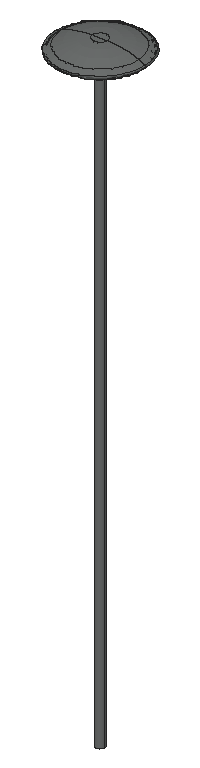
Revit family "Lighting_Outside_Focus-Lighting_Space", category Lighting Fixtures, Revit 2017
Family settings
  Round Connector Dimension = Use Diameter
  Part Type = Normal
  OmniClass Number = 23.80.70.14.21
  OmniClass Title = Street and Roadway Lighting
  Work Plane-Based = No
  Always vertical = Yes
  Cut with Voids When Loaded = No
  Light Source = Yes
  Shared = No
  Room Calculation Point = No
Parameters (values of type "Space - Ø60 column")
  Wattage = 48.4712 W
  WarrantyStartDate [instance] = "n/a"
  WarrantyGuarantorParts = "n/a"
  WarrantyGuarantorLabor = "n/a"
  WarrantyDurationUnit = "n/a"
  WarrantyDurationParts = "n/a"
  WarrantyDurationLabor = "n/a"
  WarrantyDescription = "n/a"
  built-in parameter 1150110 = 1 (stored number, unit not read)
  VersionDate = "06/04/2020"  # constant formula
  Version = "1"  # constant formula
  UsageCurrent = 0 A
  Uniclass2015Reference = "Pr_80_77_48_03"
  Uniclass2015Description = "Aluminium lighting columns"
  Uniclass2 = "Pr_80_77_48_03"
  TotalWattage = 60 W
  built-in parameter 1114217 = 1 (stored number, unit not read)
  Tilt Angle = 90.00°
  built-in parameter 1150109 = 1 (stored number, unit not read)
  built-in parameter 1150134 = (empty or 0)
  TagNumber [instance] = "n/a"
  SustainabilityPerformance = "n/a"
  built-in parameter 1150113 = 1 (stored number, unit not read)
  Size = "640x640x4465 mm"
  Shape = "Sculptured"
  SerialNumber [instance] = "n/a"
  Revision = "n/a"
  ReplacementCost = "n/a"
  ProductInformation = "AART Designers and Focus Lighting have created Space, a sophisticated, large-scale luminaire with outstanding lighting properties. Circular shades and diffusers are desiged to expand the light from a compact LED to powerful and comfortable illumination - creating new human spaces."
  Product data url = ""
  Photometric Web File = "Space.IES"
  PhaseReference = "n/a"
  PhaseAngle = 0.00°
  NumberOfSources = 0
  NumberOfPoles = 1
  NominalWidth = 640 mm
  NominalVoltageCalc = 0 V
  NominalVoltage = 220 V
  NominalRadius = 320 mm
  NominalLength = 640 mm
  NominalHeight = 4465 mm
  NominalFrequencyRange = 0 Hz
  NominalDiameter = 640 mm
  NominalCurrent = 22 A
  Name = "Focus-Lighting_Space"
  NBSReference = "90-60-50/405"
  NBSDescription = "General purpose luminaires"
  ModelReference = "n/a"
  ModelNumber = "n/a"
  Model = "Space - Ø60 column"
  Material = "Aluminium, polycarbonate"
  ManufacturersSpecificInformation = "n/a"
  ManufacturerURL = "https://www.focus-lighting.dk"
  ManufacturerName = "Focus Lighting"
  Manufacturer = "Focus Lighting"
  MaintenanceFactor = 0
  Lumens = 7200 lm
  built-in parameter 1150115 = 1 (stored number, unit not read)
  built-in parameter 1150105 = 708.01 (stored number, unit not read)
  LightFixtureSecondaryMaterial = Glass
  LightFixturePlacingType = "Pole"
  LightFixtureMountingType = "Surface"
  LightFixtureMainMaterial [instance] = Akzonobel_Noir 2100 Sablé
  built-in parameter 1150137 = (empty or 0)
  built-in parameter 1150139 = (empty or 0)
  LensMaterial = Polycarbonate, Clear
  built-in parameter 1150112 = 1 (stored number, unit not read)
  built-in parameter 1150114 = 1 (stored number, unit not read)
  InsulationStandardClass = "n/a"
  InstallationDate [instance] = "n/a"
  built-in parameter 1150132 = 2
  built-in parameter 1150102 = (empty or 0)
  built-in parameter 1150138 = (empty or 0)
  built-in parameter 1150107 = 3000 (stored number, unit not read)
  built-in parameter 1150106 = 7.0801 (stored number, unit not read)
  IfcExportType = "NOTDEFINED"  # constant formula
  IfcExportAs = "IfcLightFixtureType"  # constant formula
  IP_Code = "IP66, class 2"
  HasProtectiveEarth = yes
  Grade = "n/a"
  Finish = "Powdered aluminium"
  Features = "+ Comfortable direct/indirect lighting\r\n+ Excellent light distribution with unique uniformity\r\n+ Elegant on high and low columns\r\n+ Easy smart city integration\r\n+ Dark-sky friendly lighting\r\n+ Option for asymmetrical lighting\r\n+ Suitable for Ø 60 and 76 mm standard columns\r\n+ Cylindrical columns Ø 90-180 mm\r\n+ Highly corrosion resistant"
  ExpectedLife = "100000"
  ElectricalDeviceNominalPower = 0
  built-in parameter 1150104 = 13.8 (stored number, unit not read)
  DurationUnit = "Hours"
  Dimming Lamp Color Temperature Shift = <None>
  DefaultElevation = 0 mm
  ConvergoRefNr = "0147-2003-0002-DK"
  Constituents = "n/a"
  ColumnDiameter = Space 60 : Space 60
  Color Filter = 16777215
  Color = "Various"
  CodePerformance = "n/a"
  Category = "Street/Urban"
  Brand = "Focus Lighting"
  Barcode [instance] = "n/a"
  built-in parameter 1114218 = 1 (stored number, unit not read)
  BIMObjectName = "Lighting_Outside_Focus-Lighting_Space"
  Author = "Convergo AB"  # constant formula
  built-in parameter 1150133 = 10 (stored number, unit not read)
  AssetType = "Fixed"
  AssetIdentifier [instance] = "n/a"
  ArticleNumber = "n/a"
  AccessibilityPerformance = "n/a"
Types (2, lengths in mm): name | Model | ConvergoRefNr | ColumnDiameter
  Space - Ø90 column | "Space - Ø90 column" | "0147-2003-0001-DK" | Space 90 : Space 90
  Space - Ø60 column | "Space - Ø60 column" | "0147-2003-0002-DK" | Space 60 : Space 60
Reference planes
  plane 1 "Light Source Axis (F/B)": y = 0
  plane 2: z = 0
  plane 3 "Light Source Axis (L/R)": x = 0
  plane 4 "Light Source Elevation": z = 4780
  plane 5: y = 320
  plane 6: y = -320
  plane 7: x = 320
  plane 8: x = -320
  plane 9: z = 4465
Dimensions and locks
  "NominalHeight": plane 9 to plane 2
  "NominalLength": plane 8 to plane 7
  "NominalWidth": plane 5 to plane 6
  aligned and locked: plane 3 "Light Source Axis (L/R)" to imposter light
  aligned and locked: imposter light to plane 1 "Light Source Axis (F/B)"
  aligned and locked: plane 4 "Light Source Elevation" to imposter light
  aligned and locked: level to plane 2
Nested families
  nested 1: "Space 60" at (0, 0, 0), Inner Glass <- "LensMaterial", Steel <- "LightFixtureMainMaterial", Glass <- "LightFixtureSecondaryMaterial", type <- "ColumnDiameter", type "Space 60"
    with Steel Akzonobel_Noir 2100 Sablé, Inner Glass Polycarbonate, Clear, Glass Glass
Connectors
  electrical at (0, 0, 0), driven by "NominalVoltage"
    settings: on nested 1, index 1, voltage 220 V, apparent load 0 VA, apparent load phase1 0 VA, apparent load phase2 0 VA, apparent load phase3 0 VA, power factor 1, load classification "Other", number of poles 1, system type 31, power factor state 1, is connector primary yes, connector utility no, sub classification motor no, connector description ""
Definition of nested family "Space 60"
  Parameters (values of type "Space 60")
    Steel [instance] = none
    Inner Glass [instance] = none
    Glass [instance] = none
  Reference planes
    plane 1 "Center (Front/Back)": y = 0
    plane 2: z = 0
    plane 3 "Center (Left/Right)": x = 0
    plane 4: x = 320
    plane 5: x = -320
    plane 6: y = -320
    plane 7: y = 320
    plane 8: z = 4465
  Forms (mm)
    Revolve 1, solid, material <- "Steel", detail levels medium+fine
      sketch origin (0, 0, 0) x (1, 0, 0) y (0, 0, 1)
        loop
          line (-30, 0) -> (-26.5, 0) -> (-26.5, 4225.248) -> (-29.5, 4225.248)
          arc (-29.5, 4225.248) -> (-29.854, 4225.102) -> (-30, 4224.748) r 0.5
          line (-30, 4224.748) -> (-30, 0)
        axis (0, 4225.248) -> (0, 0)
      angle from 0 to 360
    Revolve 2, solid, material <- "Steel", detail levels medium+fine
      sketch origin (0, 0, 0) x (1, 0, 0) y (0, 0, 1)
        loop
          line (0, 4225.129) -> (0, 4296.515) -> (-114.068, 4296.515)
          arc (-114.068, 4296.515) -> (-115.37, 4296.196) -> (-116.377, 4295.312) r 2.819
          line (-116.377, 4295.312) -> (-120.961, 4288.766)
          arc (-120.961, 4288.766) -> (-121.357, 4286.076) -> (-119.439, 4284.149) r 3.034
          arc (-119.439, 4284.149) -> (-86.588, 4275.691) -> (-52.87, 4271.97) r 239.019
          arc (-52.87, 4271.97) -> (-47.287, 4269.464) -> (-45, 4263.788) r 8.188
          line (-45, 4263.788) -> (-45, 4228.129)
          arc (-45, 4228.129) -> (-44.121, 4226.007) -> (-42, 4225.129) r 3
          line (-42, 4225.129) -> (0, 4225.129)
        axis (0, 4296.515) -> (0, 4225.129)
      angle from 0 to 360
    Revolve 3, solid, material <- "Steel", detail levels medium+fine
      sketch origin (0, 0, 0) x (1, 0, 0) y (0, 0, 1)
        loop
          arc (-309.989, 4379.19) -> (-307.817, 4378.753) -> (-306.575, 4380.588) r 2
          line (-306.575, 4380.588) -> (-306.492, 4390.523)
          arc (-306.492, 4390.523) -> (-306.197, 4391.225) -> (-305.493, 4391.515) r 1
          line (-305.493, 4391.515) -> (-294.25, 4391.515) -> (-294.25, 4404.523)
          arc (-294.25, 4404.523) -> (-293.927, 4405.612) -> (-293.063, 4406.35) r 2
          line (-293.063, 4406.35) -> (-269.323, 4416.92)
          arc (-269.323, 4416.92) -> (-163.35, 4451.353) -> (-52.533, 4463) r 533
          line (-52.533, 4463) -> (0, 4463) -> (0, 4465) -> (-52.533, 4465)
          arc (-52.533, 4465) -> (-163.765, 4453.309) -> (-270.137, 4418.747) r 535
          line (-270.137, 4418.747) -> (-315.987, 4398.333)
          arc (-315.987, 4398.333) -> (-319.932, 4393.329) -> (-318.042, 4387.243) r 6.843
          line (-318.042, 4387.243) -> (-309.989, 4379.19)
        axis (0, 4465) -> (0, 4379.19)
      angle from 0 to 360
    Revolve 4, solid, material <- "Glass", detail levels medium+fine
      sketch origin (0, 0, 0) x (1, 0, 0) y (0, 0, 1)
        loop
          arc (-290.476, 4371.734) -> (-213.036, 4320.925) -> (-126.732, 4287.307) r 443.506
          arc (-126.732, 4287.307) -> (-123.382, 4287.44) -> (-120.72, 4289.478) r 5.552
          line (-120.72, 4289.478) -> (-116.338, 4295.735)
          arc (-116.338, 4295.735) -> (-115.266, 4296.676) -> (-113.881, 4297.015) r 3
          line (-113.881, 4297.015) -> (0, 4297.015) -> (0, 4301.015) -> (-113.621, 4301.015)
          arc (-113.621, 4301.015) -> (-117.084, 4300.167) -> (-119.764, 4297.816) r 7.5
          line (-119.764, 4297.816) -> (-124.623, 4290.878)
          arc (-124.623, 4290.878) -> (-210.717, 4324.23) -> (-287.944, 4374.831) r 439.506
          arc (-287.944, 4374.831) -> (-289.269, 4376.477) -> (-289.819, 4378.517) r 5.129
          line (-289.819, 4378.517) -> (-293.822, 4378.517)
          arc (-293.822, 4378.517) -> (-292.884, 4374.763) -> (-290.476, 4371.734) r 9.129
        axis (0, 4287.307) -> (0, 4378.517)
      angle from 0 to 360
    Revolve 5, solid, material <- "Inner Glass", detail levels medium+fine
      sketch origin (0, 0, 0) x (1, 0, 0) y (0, 0, 1)
        loop
          line (-112, 4301.015) -> (-110.794, 4301.015) -> (-65.602, 4368.015) -> (0, 4368.015) -> (0, 4369.015) -> (-66.133, 4369.015) -> (-112, 4301.015)
        axis (0, 4369.015) -> (0, 4301.015)
      angle from 0 to 360
    Revolve 6, solid, material <- "Inner Glass", detail levels medium+fine
      sketch origin (0, 0, 0) x (1, 0, 0) y (0, 0, 1)
        loop
          arc (-245.823, 4346.536) -> (-243.438, 4346.301) -> (-242.031, 4348.24) r 2.408
          line (-242.031, 4348.24) -> (-241.306, 4355.013) -> (-243.295, 4355.225) -> (-243.999, 4348.642)
          arc (-243.999, 4348.642) -> (-244.303, 4348.224) -> (-244.817, 4348.275) r 0.519
          line (-244.817, 4348.275) -> (-285.348, 4377.147) -> (-285.919, 4393.515) -> (-294.25, 4393.515) -> (-294.25, 4391.515) -> (-287.851, 4391.515) -> (-287.344, 4377.002)
          arc (-287.344, 4377.002) -> (-287.125, 4376.192) -> (-286.57, 4375.562) r 1.847
          line (-286.57, 4375.562) -> (-245.823, 4346.536)
        axis (0, 4393.515) -> (0, 4346.536)
      angle from 0 to 360
    Extrusion 7, solid, material <- "Steel", detail levels coarse
      sketch origin (0, 0, 0) x (1, 0, 0) y (0, 1, 0)
        loop
          line (-320, 320) -> (-320, -320) -> (320, -320) -> (320, 320) -> (-320, 320)
      from 0 to 4465
    Revolve 8, solid, material <- "Inner Glass", detail levels medium+fine
      sketch origin (0, 0, 0) x (1, 0, 0) y (0, 0, 1)
        loop
          line (-285.027, 4388.427) -> (-282.402, 4378.631)
          arc (-282.402, 4378.631) -> (-281.822, 4377.791) -> (-280.841, 4377.508) r 1.518
          line (-280.841, 4377.508) -> (-249.218, 4379.482) -> (-91.09, 4406.745) -> (-91.712, 4407.653) -> (-249.334, 4380.477) -> (-281.327, 4378.48) -> (-284.061, 4388.685) -> (-285.027, 4388.427)
        axis (0, 4407.653) -> (0, 4377.508)
      angle from 0 to 360
    Revolve 9, solid, material <- "Steel", detail levels medium+fine
      sketch origin (0, 0, 0) x (1, 0, 0) y (0, 0, 1)
        loop
          line (-288.928, 4391.515) -> (-305.484, 4391.515)
          arc (-305.484, 4391.515) -> (-306.191, 4391.222) -> (-306.484, 4390.515) r 1
          line (-306.484, 4390.515) -> (-306.484, 4387.015) -> (-288.928, 4387.015) -> (-288.928, 4391.515)
        axis (0, 4391.515) -> (0, 4387.015)
      angle from 0 to 360
    Revolve 10, solid, material <- "Inner Glass", detail levels medium+fine
      sketch origin (0, 0, 0) x (1, 0, 0) y (0, 0, 1)
        loop
          line (-91.712, 4407.653) -> (-66.285, 4370.515) -> (-65.067, 4370.515) -> (-64.223, 4369.054) -> (0, 4369.054) -> (0, 4370.054) -> (-63.646, 4370.054) -> (-64.489, 4371.515) -> (-65.757, 4371.515) -> (-90.5, 4407.653) -> (-91.712, 4407.653)
        axis (0, 4407.653) -> (0, 4369.054)
      angle from 0 to 360
    Revolve 11, void
      sketch origin (0, 0, 0) x (0, 1, 0) y (0, 0, 1)
        loop
          line (-47.217, 4262.763) -> (-47.217, 4258.732) -> (-29.526, 4258.732) -> (-29.526, 4262.763) -> (-47.217, 4262.763)
        axis (-29.526, 4258.732) -> (-47.217, 4258.732)
      angle from 0 to 360
    Revolve 12, void
      sketch origin (0, -0.401, -22.996) x (0, 1, 0) y (0, 0, 1)
        loop
          line (-47.217, 4262.763) -> (-47.217, 4258.732) -> (-29.526, 4258.732) -> (-29.526, 4262.763) -> (-47.217, 4262.763)
        axis (-29.526, 4258.732) -> (-47.217, 4258.732)
      angle from 0 to 360
    Revolve 13, solid, material <- "Steel", detail levels medium+fine
      sketch origin (0, 0, 0) x (0, 1, 0) y (0, 0, 1)
        loop
          line (-45.457, 4261.965) -> (-45.457, 4261.041) -> (-40.474, 4260.954) -> (-39.111, 4258.594) -> (-31.018, 4258.42) -> (-29.526, 4261.004) -> (-31.002, 4262.48) -> (-44.648, 4262.774) -> (-45.457, 4261.965)
        axis (-29.582, 4258.389) -> (-45.526, 4258.733)
      angle from 0 to 360
    Revolve 14, solid, material <- "Steel", detail levels medium+fine
      sketch origin (0, -0.401, -22.996) x (0, 1, 0) y (0, 0, 1)
        loop
          line (-45.457, 4261.965) -> (-45.457, 4261.041) -> (-40.474, 4260.954) -> (-39.111, 4258.594) -> (-31.018, 4258.42) -> (-29.526, 4261.004) -> (-31.002, 4262.48) -> (-44.648, 4262.774) -> (-45.457, 4261.965)
        axis (-29.582, 4258.389) -> (-45.526, 4258.733)
      angle from 0 to 360
  Cuts and joins
    Revolve 11, Revolve 12 cuts Revolve 2
  Lines and regions (mm)
    symbolic lines, detail levels medium+fine
      curve 1: circle (0, 0, 0) r 320 normal (0, 0, 1)
      curve 3: line (0, 0, 0) -> (-30, 0, 0)
      curve 4: line (-30, 0, 0) -> (-30, 0, 137.574)
      curve 5: arc (-119.097, 0, 4284.035) -> (-86.41, 0, 4275.659) -> (-52.87, 0, 4271.97) r 239.019
      curve 6: arc (-52.87, 0, 4271.97) -> (-47.287, 0, 4269.464) -> (-45, 0, 4263.788) r 8.188
      curve 7: line (-125.668, 0, 4287.017) -> (-121.576, 0, 4287.017)
      curve 8: arc (-121.576, 0, 4287.017) -> (-120.762, 0, 4285.172) -> (-119.097, 0, 4284.035) r 3.676
      curve 9: arc (-290.476, 0, 4371.734) -> (-212.546, 0, 4320.672) -> (-125.668, 0, 4287.017) r 443.506
      curve 10: line (-308.39, 0, 4378.517) -> (-293.822, 0, 4378.517)
      curve 11: arc (-293.822, 0, 4378.517) -> (-292.884, 0, 4374.763) -> (-290.476, 0, 4371.734) r 9.129
      curve 12: line (-309.97, 0, 4379.171) -> (-318.042, 0, 4387.243)
      curve 13: arc (-309.97, 0, 4379.171) -> (-309.245, 0, 4378.687) -> (-308.39, 0, 4378.517) r 2.235
      curve 14: line (-315.987, 0, 4398.333) -> (-270.137, 0, 4418.747)
      curve 15: arc (-318.042, 0, 4387.243) -> (-319.932, 0, 4393.329) -> (-315.987, 0, 4398.333) r 6.843
      curve 16: line (-52.533, 0, 4465) -> (0, 0, 4465)
      curve 17: arc (-52.533, 0, 4465) -> (-163.765, 0, 4453.309) -> (-270.137, 0, 4418.747) r 535
      curve 18: line (-30, 0, 126.922) -> (-30, 0, 4225.129)
      curve 21: line (0, 0, 0) -> (0, 30, 0)
      curve 22: line (0, 30, 0) -> (0, 30, 4225.129)
      curve 26: arc (0, 45, 4263.788) -> (0, 47.287, 4269.464) -> (0, 52.87, 4271.97) r 8.188
      curve 27: arc (0, 119.097, 4284.035) -> (0, 86.41, 4275.659) -> (0, 52.87, 4271.97) r 239.019
      curve 28: arc (0, 121.576, 4287.017) -> (0, 120.762, 4285.172) -> (0, 119.097, 4284.035) r 3.676
      curve 30: line (0, 121.576, 4287.017) -> (0, 125.668, 4287.017)
      curve 31: arc (0, 290.476, 4371.734) -> (0, 212.546, 4320.672) -> (0, 125.668, 4287.017) r 443.506
      curve 33: arc (0, 293.822, 4378.517) -> (0, 292.884, 4374.763) -> (0, 290.476, 4371.734) r 9.129
      curve 34: line (0, 293.822, 4378.517) -> (0, 308.39, 4378.517)
      curve 35: line (0, 309.97, 4379.171) -> (0, 318.042, 4387.243)
      curve 36: arc (0, 309.97, 4379.171) -> (0, 309.245, 4378.687) -> (0, 308.39, 4378.517) r 2.235
      curve 37: arc (0, 315.987, 4398.333) -> (0, 319.932, 4393.329) -> (0, 318.042, 4387.243) r 6.843
      curve 38: line (0, 315.987, 4398.333) -> (0, 270.137, 4418.747)
      curve 39: arc (0, 52.533, 4465) -> (0, 163.765, 4453.309) -> (0, 270.137, 4418.747) r 535
      curve 40: line (0, 52.533, 4465) -> (0, 0, 4465)
      curve 41: line (0, 0, 0) -> (0, -30, 0)
      curve 42: line (0, -30, 0) -> (0, -30, 4225.129)
      curve 43: arc (0, -45, 4263.788) -> (0, -47.287, 4269.464) -> (0, -52.87, 4271.97) r 8.188
      curve 44: arc (0, -119.097, 4284.035) -> (0, -86.41, 4275.659) -> (0, -52.87, 4271.97) r 239.019
      curve 45: arc (0, -121.576, 4287.017) -> (0, -120.762, 4285.172) -> (0, -119.097, 4284.035) r 3.676
      curve 47: line (0, -121.576, 4287.017) -> (0, -125.668, 4287.017)
      curve 48: arc (0, -290.476, 4371.734) -> (0, -212.546, 4320.672) -> (0, -125.668, 4287.017) r 443.506
      curve 50: arc (0, -293.822, 4378.517) -> (0, -292.884, 4374.763) -> (0, -290.476, 4371.734) r 9.129
      curve 51: line (0, -293.822, 4378.517) -> (0, -308.39, 4378.517)
      curve 52: line (0, -309.97, 4379.171) -> (0, -318.042, 4387.243)
      curve 53: arc (0, -309.97, 4379.171) -> (0, -309.245, 4378.687) -> (0, -308.39, 4378.517) r 2.235
      curve 54: arc (0, -315.987, 4398.333) -> (0, -319.932, 4393.329) -> (0, -318.042, 4387.243) r 6.843
      curve 55: line (0, -315.987, 4398.333) -> (0, -270.137, 4418.747)
      curve 56: arc (0, -52.533, 4465) -> (0, -163.765, 4453.309) -> (0, -270.137, 4418.747) r 535
      curve 57: line (0, -52.533, 4465) -> (0, 0, 4465)
      curve 58: line (0, 0, 0) -> (30, 0, 0)
      curve 59: line (30, 0, 0) -> (30, 0, 137.051)
      curve 60: arc (119.097, 0, 4284.035) -> (86.41, 0, 4275.659) -> (52.87, 0, 4271.97) r 239.019
      curve 61: arc (52.87, 0, 4271.97) -> (47.287, 0, 4269.464) -> (45, 0, 4263.788) r 8.188
      curve 62: line (125.668, 0, 4287.017) -> (121.576, 0, 4287.017)
      curve 63: arc (121.576, 0, 4287.017) -> (120.762, 0, 4285.172) -> (119.097, 0, 4284.035) r 3.676
      curve 64: arc (290.476, 0, 4371.734) -> (212.546, 0, 4320.672) -> (125.668, 0, 4287.017) r 443.506
      curve 65: line (308.39, 0, 4378.517) -> (293.822, 0, 4378.517)
      curve 66: arc (293.822, 0, 4378.517) -> (292.884, 0, 4374.763) -> (290.476, 0, 4371.734) r 9.129
      curve 67: line (309.97, 0, 4379.171) -> (318.042, 0, 4387.243)
      curve 68: arc (309.97, 0, 4379.171) -> (309.245, 0, 4378.687) -> (308.39, 0, 4378.517) r 2.235
      curve 69: line (315.987, 0, 4398.333) -> (270.137, 0, 4418.747)
      curve 70: arc (318.042, 0, 4387.243) -> (319.932, 0, 4393.329) -> (315.987, 0, 4398.333) r 6.843
      curve 71: line (52.533, 0, 4465) -> (0, 0, 4465)
      curve 72: arc (52.533, 0, 4465) -> (163.765, 0, 4453.309) -> (270.137, 0, 4418.747) r 535
      curve 73: line (30, 0, 124.357) -> (30, 0, 4225.129)
      curve 76: line (0, 45, 4228.129) -> (0, 45, 4263.788)
      curve 77: line (0, -45, 4228.129) -> (0, -45, 4263.788)
      curve 78: arc (-45, 0, 4228.129) -> (-44.121, 0, 4226.007) -> (-42, 0, 4225.129) r 3
      curve 79: line (-45, 0, 4228.129) -> (-45, 0, 4263.788)
      curve 80: line (-42, 0, 4225.129) -> (-30, 0, 4225.129)
      curve 81: arc (45, 0, 4228.129) -> (44.121, 0, 4226.007) -> (42, 0, 4225.129) r 3
      curve 82: line (45, 0, 4228.129) -> (45, 0, 4263.788)
      curve 83: arc (0, 42, 4225.129) -> (0, 44.121, 4226.007) -> (0, 45, 4228.129) r 3
      curve 84: line (0, 42, 4225.129) -> (0, 30, 4225.129)
      curve 85: arc (0, -42, 4225.129) -> (0, -44.121, 4226.007) -> (0, -45, 4228.129) r 3
      curve 86: line (0, -42, 4225.129) -> (0, -30, 4225.129)
      curve 94: line (30, 0, 4225.129) -> (42, 0, 4225.129)
    symbolic lines, detail levels fine
      curve 2: circle (0, 0, 0) r 310 normal (0, 0, 1)
      curve 19: line (-121.576, 0, 4287.017) -> (0, 0, 4287.017)
      curve 20: line (-293.822, 0, 4378.517) -> (0, 0, 4378.517)
      curve 23: line (0, 12.225, 1544) -> (0, 12.225, 1856)
      curve 24: arc (0, 12.225, 1856) -> (0, 16.982, 1873.926) -> (0, 30, 1887.137) r 36.159
      curve 25: arc (0, 30, 1512.863) -> (0, 16.982, 1526.074) -> (0, 12.225, 1544) r 36.159
      curve 29: line (0, 0, 4287.017) -> (0, 121.576, 4287.017)
      curve 32: line (0, 0, 4378.517) -> (0, 293.822, 4378.517)
      curve 46: line (0, 0, 4287.017) -> (0, -121.576, 4287.017)
      curve 49: line (0, 0, 4378.517) -> (0, -293.822, 4378.517)
      curve 74: line (121.576, 0, 4287.017) -> (0, 0, 4287.017)
      curve 75: line (293.822, 0, 4378.517) -> (0, 0, 4378.517)
      curve 87: line (0, -30, 4225.129) -> (0, 0, 4225.129)
      curve 88: line (0, 30, 4225.129) -> (0, 0, 4225.129)
      curve 89: spline (0, 0, 4262.774) -> (-1.051, 0, 4262.636) -> (-2.03, 0, 4262.23) -> (-2.87, 0, 4261.585) -> (-3.515, 0, 4260.745) -> (-3.921, 0, 4259.766) -> (-4.059, 0, 4258.715) -> (-3.921, 0, 4257.665) -> (-3.515, 0, 4256.686) -> (-2.87, 0, 4255.846) -> (-2.03, 0, 4255.201) -> (-1.051, 0, 4254.795) -> (0, 0, 4254.657)
      curve 90: spline (0, 0, 4254.657) -> (1.051, 0, 4254.795) -> (2.03, 0, 4255.201) -> (2.87, 0, 4255.846) -> (3.515, 0, 4256.686) -> (3.921, 0, 4257.665) -> (4.059, 0, 4258.715) -> (3.921, 0, 4259.766) -> (3.515, 0, 4260.745) -> (2.87, 0, 4261.585) -> (2.03, 0, 4262.23) -> (1.051, 0, 4262.636) -> (0, 0, 4262.774)
      curve 91: spline (0, 0, 4231.661) -> (1.051, 0, 4231.799) -> (2.03, 0, 4232.204) -> (2.87, 0, 4232.849) -> (3.515, 0, 4233.69) -> (3.921, 0, 4234.669) -> (4.059, 0, 4235.719) -> (3.921, 0, 4236.769) -> (3.515, 0, 4237.748) -> (2.87, 0, 4238.589) -> (2.03, 0, 4239.234) -> (1.051, 0, 4239.639) -> (0, 0, 4239.777)
      curve 92: spline (0, 0, 4239.777) -> (-1.051, 0, 4239.639) -> (-2.03, 0, 4239.234) -> (-2.87, 0, 4238.589) -> (-3.515, 0, 4237.748) -> (-3.921, 0, 4236.769) -> (-4.059, 0, 4235.719) -> (-3.921, 0, 4234.669) -> (-3.515, 0, 4233.69) -> (-2.87, 0, 4232.849) -> (-2.03, 0, 4232.204) -> (-1.051, 0, 4231.799) -> (0, 0, 4231.661)
      curve 93: line (-30, 0, 4225.129) -> (30, 0, 4225.129)
  Dimensions and locks
    aligned and locked: level to plane 2
